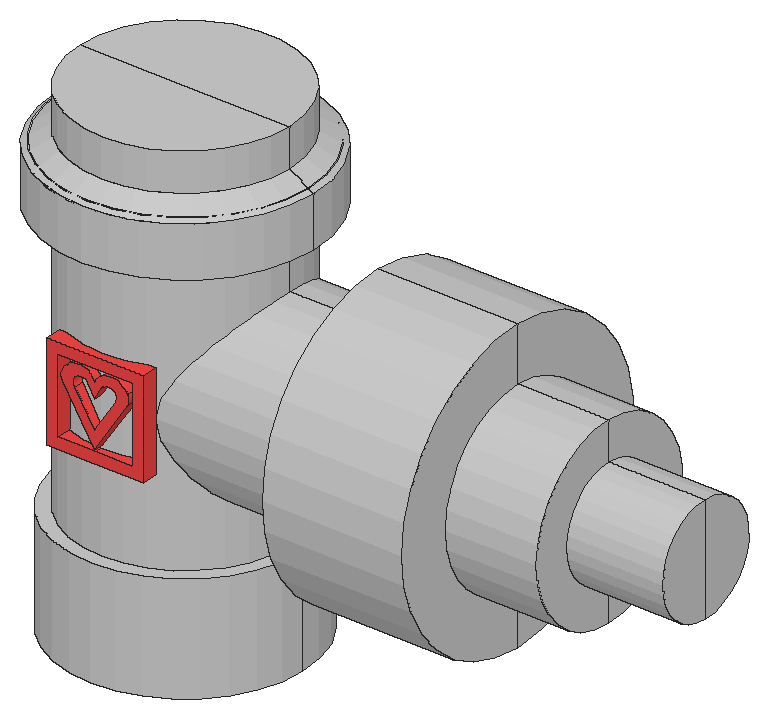
Revit family "Клапан для отключения радиатора HERZ-RL-5 с возможностью гидравлической настройки и слива, угловой 3924", category Rohrzubehör, Revit 2019
Family settings
  Bemaßung runder Anschluss = Durchmesser verwenden
  Teiletyp = Unterbricht
  OmniClass-Nummer = 23.65.55.14
  OmniClass-Titel = Valves for Liquid Services
  Arbeitsebenenbasiert = Nein
  Immer vertikal = Nein
  Beim Laden mit Abzugskörper schneiden = Nein
  Gemeinsam genutzt = Nein
Parameters
  Среда = "Качество воды в соответствии с ÖNORM H 5195 или директивой VDI 2035."
  Область применения = "Система водяного отопления. С помощью установки радиаторных запорных клапанов возможно осуществить перекрытие обратного потока нагревательных приборов. При одновременном перекрытии с клапаном на подающем трубопроводе возможен демонтаж радиатора в системе, которая находится под давлением. Промывку радиатора или ремонт помещения (оклеивание обоями, облицовку плиткой) можно проводить, не прерывая работу системы. С помощью клапана для отключения радиатора HERZ-RL-5 можно настроить расход воды, протекающей через радиатор, в соответствии с требуемой мощностью. Установка данного клапана особенно рекомендуется при монтаже термостатических клапанов без преднастройки, что способствует экономному расходу воды и поддержанию устойчивой работы системы.  При помощи клапана HERZ-RL-5 можно заполнить или опорожнить радиаторы или систему."
  Номер заказа [instance] = size_lookup("3924_5_", "Artnr", 0, Nennweite)  # 1392400
  Макс. рабочее давление = 1000000.0 Pa  # constant formula
  Макс. рабочая температура = 120 °C  # constant formula
  Корпус = "Никелированная латунь"  # constant formula
  Исполнение = "Все модели поставляются в никелированном исполнении, это универсальные модели со специальной муфтой для резьбовой трубы и компрессионных фитингов."
  W01 = 120.00°  # constant formula
  URL = "www.herz-armaturen.ru"
  SCRNSEQ = "ARM;ARM_TYP=\"ALLF\";2"
  SCRNCODE = "05;01;02"  # constant formula
  S04 = 45.000 mm  # constant formula
  S03 [instance] = H02 - 5.000 mm + 41.000 mm  # 54.000 mm
  S02 [instance] = L04 + L03 - L02  # 23.000 mm
  S01 = 10.000 mm  # constant formula
  R04 = 9.750 mm  # constant formula
  R03 = 12.000 mm  # constant formula
  R02 = 9.750 mm  # constant formula
  Nennweite [instance] = 10.000 mm
  LO1 [instance] = D03 - 0.500 mm  # 11.000 mm
  L04 [instance] = size_lookup("3924_5_", "L4", 1.000 mm, Nennweite)  # 17.500 mm
  L03 [instance] = size_lookup("3924_5_", "L3", 1.000 mm, Nennweite)  # 13.000 mm
  L02 [instance] = size_lookup("3924_5_", "L2", 1.000 mm, Nennweite)  # 7.500 mm
  L01 [instance] = size_lookup("3924_5_", "L1", 1.000 mm, Nennweite)  # 25.500 mm
  Hersteller = "HERZ Armaturen Ges.m.b.H."  # constant formula
  H07 [instance] = H02 - H04  # 13.000 mm
  H06 = 3.500 mm  # constant formula
  H05 = 9.500 mm  # constant formula
  H04 = 5.000 mm  # constant formula
  H03 [instance] = size_lookup("3924_5_", "H3", 1.000 mm, Nennweite)  # 10.000 mm
  H02 [instance] = size_lookup("3924_5_", "H2", 1.000 mm, Nennweite)  # 18.000 mm
  H01 [instance] = size_lookup("3924_5_", "H1", 1.000 mm, Nennweite)  # 22.500 mm
  GT1 [instance] = size_lookup("3924_5_", "GT1", 1.000 mm, Nennweite)  # 9.000 mm
  GT [instance] = size_lookup("3924_5_", "GT", 1.000 mm, Nennweite)  # 10.000 mm
  G2 [instance] = Nennweite / 2  # 5.000 mm
  G1 [instance] = Nennweite / 2  # 5.000 mm
  R01 = 11.000 mm  # constant formula
  D06 [instance] = 8.750 mm  # constant formula
  D05 [instance] = size_lookup("3924_5_", "D5", 1.000 mm, Nennweite)  # 8.500 mm
  D04 [instance] = size_lookup("3924_5_", "D4", 1.000 mm, Nennweite)  # 13.500 mm
  D03 [instance] = 11.500 mm  # constant formula
  D02 [instance] = size_lookup("3924_5_", "D2", 1.000 mm, Nennweite)  # 7.940 mm
  D01 [instance] = size_lookup("3924_5_", "D1", 1.000 mm, Nennweite)  # 11.000 mm
Reference planes
  plane 1 "Mitte (Vorne/hinten)": y = 0
  plane 2: z = 0
  plane 3 "Mitte (Links/rechts)": x = 0
Forms (mm)
  Revolve 1, solid, material "Messing, weicher Gelbton, geschweißt", detail levels fine
    sketch origin (0, 0, 0) x (1, 0, 0) y (0, 0, 1)
      loop
        line (0, 18) -> (-11.5, 18) -> (-11.5, 13) -> (-9.75, 13) -> (-9.75, -12.5) -> (-11, -12.5) -> (-11, -22.5) -> (-5, -22.5) -> (-5, -12.5) -> (0, -12.5) -> (0, 18)
      axis (0, 18) -> (0, -22.5)
    angle from 0 to 360
  Revolve 2, solid, material "Messing, weicher Gelbton, geschweißt", detail levels fine
    sketch origin (0, 0, 0) x (1, 0, 0) y (0, 0, 1)
      loop
        line (0, 0) -> (25.5, 0) -> (25.5, 7.94) -> (18, 7.94) -> (18, 8.75) -> (0, 8.75) -> (0, 0)
      axis (0, 0) -> (25.5, 0)
    angle from 0 to 360
  Revolve 3, solid, material "Messing, weicher Gelbton, geschweißt", detail levels fine
    sketch origin (-1, 0, 0) x (1, 0, 0) y (0, 0, 1)
      loop
        line (26.5, 0) -> (49.5, 0) -> (49.5, 5) -> (40.5, 5) -> (40.5, 8.5) -> (32, 8.5) -> (32, 13.5) -> (19, 13.5) -> (19, 7.94) -> (26.5, 7.94) -> (26.5, 0)
      axis (19, 0) -> (49.5, 0)
    angle from 0 to 360
  Revolve 4, solid, material "Messing, weicher Gelbton, geschweißt", detail levels fine
    sketch origin (0, 0, 1.5) x (1, 0, 0) y (0, 0, 1)
      loop
        line (0, 11.5) -> (12, 11.5) -> (12, 16.201) -> (9.75, 17.5) -> (9.75, 21) -> (0, 21) -> (0, 11.5)
      axis (0, 21) -> (0, 11.5)
    angle from 0 to 360
Lines and regions (mm)
  model lines, detail levels coarse+medium
    curve 1: line (0, 0, 0) -> (11, 0, -22.5)
    curve 2: line (11, 0, -22.5) -> (-11, 0, -22.5)
    curve 3: line (-11, 0, -22.5) -> (0, 0, 0)
    curve 4: line (0, 0, 0) -> (25.5, 0, 13.5)
    curve 5: line (25.5, 0, 13.5) -> (25.5, 0, -13.5)
    curve 6: line (25.5, 0, -13.5) -> (0, 0, 0)
    curve 7: line (25.5, 0, 13.5) -> (35.5, 0, 13.5)
    curve 8: line (35.5, 0, 13.5) -> (25.5, 0, 0)
    curve 9: line (25.5, 0, -13.5) -> (35.5, 0, -13.5)
    curve 10: line (35.5, 0, -13.5) -> (25.5, 0, 0)
    curve 11: line (25.5, 0, 0) -> (48.5, 0, 0)
    curve 12: line (0, 0, 0) -> (11, -22.5, 0)
    curve 13: line (11, -22.5, 0) -> (-11, -22.5, 0)
    curve 14: line (-11, -22.5, 0) -> (0, 0, 0)
    curve 15: line (0, 0, 0) -> (25.5, 13.5, 0)
    curve 16: line (25.5, 13.5, 0) -> (25.5, -13.5, 0)
    curve 17: line (25.5, -13.5, 0) -> (0, 0, 0)
    curve 18: line (25.5, 13.5, 0) -> (35.5, 13.5, 0)
    curve 19: line (35.5, 13.5, 0) -> (25.5, 0, 0)
    curve 20: line (25.5, -13.5, 0) -> (35.5, -13.5, 0)
    curve 21: line (25.5, 0, 0) -> (35.5, -13.5, 0)
Dimensions and locks
  "H02": Revolve 1 sketch curve to plane 2
  "H01": plane 2 to Revolve 1 sketch curve
  "G1": Revolve 1 sketch curve to Revolve 1 sketch curve
  "D01": Revolve 1 sketch curve to Revolve 1 sketch curve
  "GT": Revolve 1 sketch curve to Revolve 1 sketch curve
  "H03": Revolve 1 sketch curve to Revolve 1 sketch curve
  "D02": Revolve 2 sketch curve to Revolve 2 sketch curve
  "D06": Revolve 2 sketch curve to Revolve 2 sketch curve
  "L02": Revolve 2 sketch curve to Revolve 2 sketch curve
  "R02": nested 1 to plane 1 "Mitte (Vorne/hinten)"
  "L02": Revolve 3 sketch curve to Revolve 3 sketch curve
  "L03": Revolve 3 sketch curve to Revolve 3 sketch curve
  "L04": Revolve 3 sketch curve to Revolve 3 sketch curve
  "D04": Revolve 3 sketch curve to Revolve 3 sketch curve
  "G2": Revolve 3 sketch curve to Revolve 3 sketch curve
  "D05": Revolve 3 sketch curve to Revolve 3 sketch curve
  "GT1": Revolve 3 sketch curve to Revolve 3 sketch curve
  "L01": plane 3 "Mitte (Links/rechts)" to Revolve 3 sketch curve
  "D02": Revolve 3 sketch curve to plane 2
  "H01": plane 2 to curve 2
  "L01": curve 5 to plane 3 "Mitte (Links/rechts)"
  "D01": curve 2 to plane 3 "Mitte (Links/rechts)" to curve 3
  "D04": curve 5 to plane 2 to curve 6
  "S01": curve 5 to curve 8
  "S01": curve 5 to curve 10
  "S02": curve 11 to curve 11
  "H01": curve 13 to plane 1 "Mitte (Vorne/hinten)"
  "D01": curve 14 to plane 3 "Mitte (Links/rechts)" to curve 13
  "L01": plane 3 "Mitte (Links/rechts)" to curve 16
  "D04": curve 17 to plane 1 "Mitte (Vorne/hinten)" to curve 16
  "S01": curve 16 to curve 19
  "S01": curve 16 to curve 21
  "R02": Revolve 1 sketch curve to Revolve 1 sketch curve
  "D03": Revolve 1 sketch curve to Revolve 1 sketch curve
  "H04": Revolve 1 sketch curve to Revolve 1 sketch curve
  "L01": Revolve 2 sketch curve to plane 3 "Mitte (Links/rechts)"
  "H05": Revolve 4 sketch curve to Revolve 4 sketch curve
  "R04": Revolve 4 sketch curve to Revolve 4 sketch curve
  "R03": Revolve 4 sketch curve to Revolve 4 sketch curve
  "H06": Revolve 4 sketch curve to Revolve 4 sketch curve
  "H07": Revolve 4 sketch curve to plane 2
  "W01": angle Revolve 4 sketch curve to Revolve 4 sketch curve
  aligned and locked: level to plane 2
Automatic sketch dimensions
  curve 4 to level = 0.000 mm
  curve 4 to plane 3 "Mitte (Links/rechts)" = 0.000 mm
  curve 11 to level = 0.000 mm
  curve 8 to level = 0.000 mm
  plane 1 "Mitte (Vorne/hinten)" to curve 14 = 0.000 mm
  curve 14 to plane 3 "Mitte (Links/rechts)" = 0.000 mm
  plane 1 "Mitte (Vorne/hinten)" to curve 19 = 0.000 mm
  Revolve 1 sketch curve to plane 3 "Mitte (Links/rechts)" = 0.000 mm  (x2)
  Revolve 1 sketch curve to Revolve 1 sketch curve = 345.545 mm
  Revolve 1 sketch curve to Revolve 1 sketch curve = 2189.815 mm
  Revolve 2 sketch curve to level = 0.000 mm  (x2)
  Revolve 2 sketch curve to plane 3 "Mitte (Links/rechts)" = 0.000 mm
  Revolve 2 sketch curve to plane 3 "Mitte (Links/rechts)" = 9.500 mm
  Revolve 2 sketch curve to Revolve 2 sketch curve = 1815.148 mm
  Revolve 3 sketch curve to level = 0.000 mm  (x2)
  Revolve 3 sketch curve to plane 3 "Mitte (Links/rechts)" = 1507.530 mm
  Revolve 3 sketch curve to Revolve 3 sketch curve = 1789.648 mm
  Revolve 4 sketch curve to plane 3 "Mitte (Links/rechts)" = 0.000 mm  (x2)
  Revolve 4 sketch curve to level = 364.545 mm
  Revolve 4 sketch curve to Revolve 4 sketch curve = 2188.615 mm
Nested families
  nested 1: "Herz-Logo-vorne" at (0, -9.75, 0) x (0, -1, 0) z (0, 0, 1), type "Herz-Logo-vorne", detail levels fine
Connectors
  piping at (0, 0, -12.5), diameter 10, driven by "Nennweite"
    settings: on Revolve 1, index 1, connector inside diameter 609.6 mm, connector length 0.000 mm, flow factor 0, pipe flow 0.0 L/s, pressure drop 0.0 Pa, fitting loss kfactor 0, connector angle 0.00°, fixture units 0, engagement length 0.000 mm, angle of deflection 0.00°, flow configuration 0, flow direction 1, fitting loss method 0, system type 8, joint type 0, gender type 0, connector reference index -1, connector utility 0, adjustable connector no, is connector primary yes, connector description ""
  piping at (48.5, 0, 0), diameter 10, driven by "Nennweite"
    settings: on Revolve 3, index 2, connector inside diameter 609.6 mm, connector length 0.000 mm, flow factor 0, pipe flow 0.0 L/s, pressure drop 0.0 Pa, fitting loss kfactor 0, connector angle 0.00°, fixture units 0, engagement length 0.000 mm, angle of deflection 0.00°, flow configuration 0, flow direction 2, fitting loss method 0, system type 8, joint type 0, gender type 0, connector reference index -1, connector utility 0, adjustable connector no, is connector primary no, connector description ""
Definition of nested family "Herz-Logo-vorne"
  Reference planes
    plane 1 "Mitte (Vorne/hinten)": y = 0
    plane 2: z = 0
    plane 3 "Mitte (Links/rechts)": x = 0
  Forms (mm)
    Extrusion 1, solid
      sketch origin (0.732, -0.018, 0.017) x (0, -1, 0) y (0, 0, 1)
        loop
          line (-0.018, -4.517) -> (4.482, -4.517) -> (4.482, 4.483) -> (-4.518, 4.483) -> (-4.518, -4.517) -> (-0.018, -4.517)
        loop
          line (-0.05, -3.48) -> (3.482, -3.48) -> (3.482, 3.483) -> (-3.518, 3.483) -> (-3.518, -3.48) -> (-0.05, -3.48)
        loop
          arc (-0.018, 2.383) -> (-1.543, 3.287) -> (-3.067, 2.383) r 1.738
          arc (-3.067, 2.383) -> (-3.191, 1.899) -> (-3.067, 1.415) r 1.009
          line (-3.067, 1.415) -> (-0.018, -3.281) -> (3.032, 1.415)
          arc (3.032, 1.415) -> (3.156, 1.899) -> (3.032, 2.383) r 1.009
          arc (3.032, 2.383) -> (1.507, 3.287) -> (-0.018, 2.383) r 1.738
        loop
          arc (1.885, 1.272) -> (2.005, 1.675) -> (1.885, 2.079) r 0.74
          arc (1.885, 2.079) -> (1.265, 2.416) -> (0.644, 2.079) r 0.74
          line (0.644, 2.079) -> (-0.018, 0.97) -> (-0.679, 2.079)
          arc (-0.679, 2.079) -> (-1.3, 2.416) -> (-1.921, 2.079) r 0.74
          arc (-1.921, 2.079) -> (-2.04, 1.675) -> (-1.921, 1.272) r 0.74
          line (-1.921, 1.272) -> (-0.018, -1.658) -> (1.885, 1.272)
      from 0 to 1.5
  Dimensions and locks
    aligned and locked: level to plane 2
